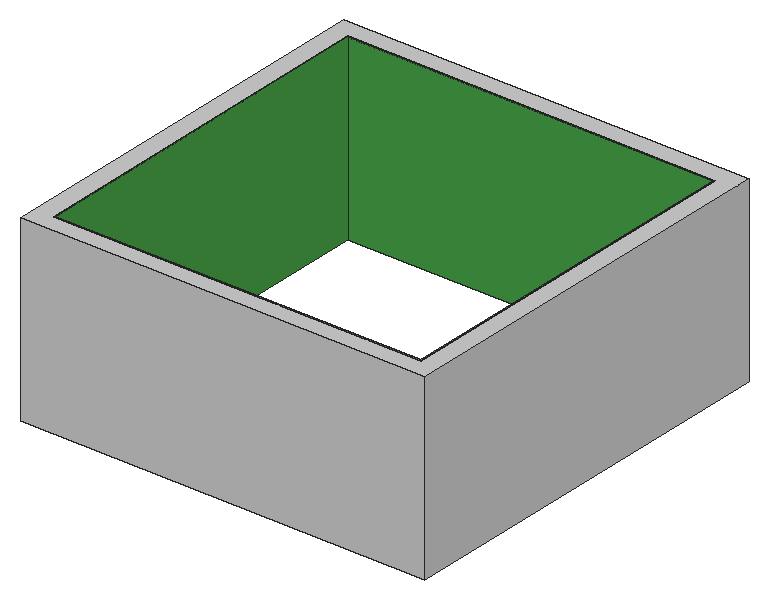
Revit family "Средний блок камеры", category Обобщенные модели, Revit 2015
Parameters (values of type "СБК-2.6-ФУТ "ПБК ЭКОВЭЛЛ" с анкерными листами V-Lock")
  Ширина = 2600 mm
  Толщина футеровки = 4 mm
  Толщина основания = 130 mm
  Тип материалов покрытия = Полиэтилен низкого давления
  Тип бетона = БСТ B20 П1 F200 W4 ГОСТ 7473-2010
  Сайт изготовителя = "http://gisspb.ru/"
  Масса = 4530.00 kg
  Изготовитель = "ООО \"ГИС\""
  Документ регламентирующий производство = "ТУ 5855-001-23107031-2013"
  Город и страна производства = "Санкт-Петербург, Российская Федерация"
  Высота = 1285 mm
Types (2, lengths in mm): name | Ширина | Толщина основания | Масса | Высота
  СБК-2.6-ФУТ "ПБК ЭКОВЭЛЛ" с анкерными листами V-Lock | 2600 | 130 | 4530.00 kg | 1285
  СБК-1.8-ФУТ "ПБК ЭКОВЭЛЛ" с анкерными листами V-Lock | 1800 | 150 | 1750.00 kg | 700
Reference planes
  plane 1 "По центру (Вперед/Назад)": y = 0
  plane 2: z = 0
  plane 3 "По центру (Влево/Вправо)": x = 0
  plane 4: x = -1300
  plane 5: x = 1300
  plane 6: y = 1300
  plane 7: y = -1300
  plane 8: z = 1285
  plane 9: x = -1430
  plane 10: x = 1430
  plane 11: y = 1430
  plane 12: y = -1430
Forms (mm)
  Extrusion 1, solid, material "БСТ B20 П1 F200 W4 ГОСТ 7473-2010" <- "Тип бетона"
    sketch origin (0, 0, 0) x (1, 0, 0) y (0, 1, 0)
      loop
        line (-1430, 1430) -> (-1430, -1430) -> (1430, -1430) -> (1430, 1430) -> (-1430, 1430)
    from 0 to 1285 <- "Высота"
  Extrusion 2, void
    sketch origin (0, 0, 0) x (1, 0, 0) y (0, 1, 0)
      loop
        line (-1300, 1300) -> (-1300, -1300) -> (1300, -1300) -> (1300, 1300) -> (-1300, 1300)
    from 0 to 1285
  Extrusion 3, solid, material "Полиэтилен низкого давления" <- "Тип материалов покрытия"
    sketch origin (0, 0, 0) x (1, 0, 0) y (0, 1, 0)
      loop
        line (-1296, 1296) -> (-1296, -1296) -> (1296, -1296) -> (1296, 1296) -> (-1296, 1296)
      loop
        line (-1300, 1300) -> (-1300, -1300) -> (1300, -1300) -> (1300, 1300) -> (-1300, 1300)
    from 0 to 1285
Cuts and joins
  Extrusion 2 cuts Extrusion 1
Dimensions and locks
  equal spacing: plane 4, plane 3 "По центру (Влево/Вправо)", plane 5
  equal spacing: plane 6, plane 1 "По центру (Вперед/Назад)", plane 7
  "Ширина": plane 6 to plane 7
  "Ширина": plane 4 to plane 5
  "Высота": plane 8 to level
  "Толщина основания": plane 6 to plane 11
  "Толщина основания": plane 7 to plane 12
  "Толщина основания": plane 5 to plane 10
  "Толщина основания": plane 9 to plane 4
  "Толщина футеровки": cut or joined group of Extrusion 1, Extrusion 2 to Extrusion 3 sketch curve  (x2)
  "Толщина футеровки": Extrusion 3 sketch curve to cut or joined group of Extrusion 1, Extrusion 2  (x2)
  aligned and locked: level to plane 2
  aligned and locked: Extrusion 1 sketch curve to plane 11
  aligned and locked: Extrusion 1 sketch curve to plane 9
  aligned and locked: Extrusion 1 sketch curve to plane 12
  aligned and locked: Extrusion 1 sketch curve to plane 10
  aligned and locked: Extrusion 2 sketch curve to plane 6
  aligned and locked: Extrusion 2 sketch curve to plane 4
  aligned and locked: Extrusion 2 sketch curve to plane 7
  aligned and locked: Extrusion 2 sketch curve to plane 5
  aligned and locked: Extrusion 2 to plane 8
  aligned and locked: Extrusion 3 sketch curve to cut or joined group of Extrusion 1, Extrusion 2  (x4)
  aligned and locked: Extrusion 3 to plane 8
  aligned and locked: Extrusion 3 to level
  aligned and locked: Extrusion 2 to level
